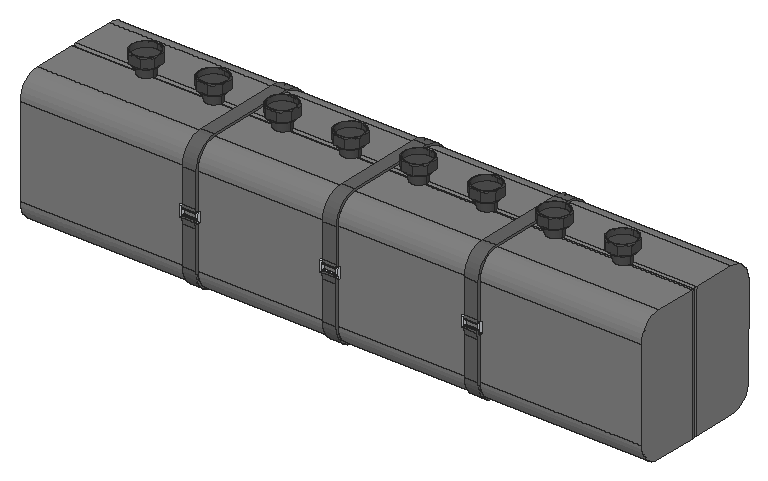
Revit family "Распределительный коллектор на 4 контура", category Оборудование, Revit 2022
Family settings
  Размер круглого соединителя = Использовать диаметр
  Классификация = Нет
  Тип детали = Нормальный
  На основе рабочей плоскости = Нет
  Всегда вертикально = Да
  При загрузке вырезать с полостями = Нет
  Сохранять ориентацию аннотаций = Нет
  Общий = Нет
  Точка принадлежности помещению = Нет
Parameters
  Отметка по умолчанию = 1500 mm
  Кронштейны [instance] = yes
  Изоляция [instance] = yes
  ΔT = 20 °C
  Qmax = 163000 W
  G max = 0.036983 (stored number, unit not read)
  ADSK_Примечание [instance] = ""
  ADSK_Наименование = "Распределительный коллектор KHW-7-4"
  ADSK_Завод-изготовитель = "Huch EnTEC"
  ADSK_Группирование [instance] = ""
Reference planes
  plane 1 "По центру (Вперед/Назад)": y = 0
  plane 2: z = 0
  plane 3 "По центру (Влево/Вправо)": x = 0
  plane 4: y = -57.5
  plane 5: y = 57.5
  plane 6: z = -57.5
  plane 7: z = 57.5
  plane 8: y = -52.5
  plane 9: z = 52.5
  plane 10: z = -52.5
  plane 11: y = 52.5
  plane 12: x = 505
  plane 13: x = -505
  plane 14: z = 52.5
  plane 15: z = -52.5
  plane 16: z = 67.5
  plane 17: z = 132.5
  plane 18: z = 102.5
  plane 19: z = 57.5
  plane 20: x = 437.5
  plane 21: x = -437.5
  plane 22: x = -312.5
  plane 23: x = -187.5
  plane 24: x = -62.5
  plane 25: x = 312.5
  plane 26: x = 187.5
  plane 27: x = 62.5
  plane 28: x = 570
  plane 29: x = -570
  plane 30: y = 186.539
Forms (mm)
  Extrusion 1, solid, material "Металл"
    sketch origin (0, 0, 0) x (0, 1, 0) y (0, 0, 1)
      loop
        line (52.5, 57.5) -> (-52.5, 57.5)
        arc (-52.5, 57.5) -> (-56.036, 56.036) -> (-57.5, 52.5) r 5
        line (-57.5, 52.5) -> (-57.5, -52.5)
        arc (-57.5, -52.5) -> (-56.036, -56.036) -> (-52.5, -57.5) r 5
        line (-52.5, -57.5) -> (52.5, -57.5)
        arc (52.5, -57.5) -> (56.036, -56.036) -> (57.5, -52.5) r 5
        line (57.5, -52.5) -> (57.5, 52.5)
        arc (57.5, 52.5) -> (56.036, 56.036) -> (52.5, 57.5) r 5
    from -505 to 505
  Extrusion 2, void
    sketch origin (0, 0, 0) x (1, 0, 0) y (0, 0, 1)
      loop
        line (500, 57.5) -> (-500, 57.5)
        arc (-500, 57.5) -> (-503.536, 56.036) -> (-505, 52.5) r 5
        line (-505, 52.5) -> (-505, -52.5)
        arc (-505, -52.5) -> (-503.536, -56.036) -> (-500, -57.5) r 5
        line (-500, -57.5) -> (500, -57.5)
        arc (500, -57.5) -> (503.536, -56.036) -> (505, -52.5) r 5
        line (505, -52.5) -> (505, 52.5)
        arc (505, 52.5) -> (503.536, 56.036) -> (500, 57.5) r 5
      loop
        line (-516.101, 73.045) -> (-516.101, -76.955) -> (513.899, -76.955) -> (513.899, 73.045) -> (-516.101, 73.045)
    from -63.688 to 64.2
  Extrusion 3, solid, material "Металл"
    sketch origin (0, 0, 0) x (1, 0, 0) y (0, 1, 0)
      loop
        circle (485, 0) r 13
      loop
        circle (-485, 0) r 13
    from -52.5 to -67.008
  Extrusion 4, solid, material "Металл"
    sketch origin (0, 0, 0) x (1, 0, 0) y (0, 1, 0)
      loop
        circle (-405, 0) r 30
      loop
        circle (405, 0) r 30
    from -52.5 to -112.477
  Extrusion 5, solid, material "Металл"
    sketch origin (0, 0, 0) x (1, 0, 0) y (0, 1, 0)
      loop
        circle (-300, 0) r 13.5
      loop
        circle (300, 0) r 13.5
    from -52.5 to -102.67
  Extrusion 6, solid, material "Металл"
    sketch origin (0, 0, 0) x (1, 0, 0) y (0, 1, 0)
      loop
        circle (-437.5, 0) r 15
      loop
        circle (-313.5, 0) r 15
      loop
        circle (-187.5, 0) r 15
      loop
        circle (-62.5, 0) r 15
      loop
        circle (62.5, 0) r 15
      loop
        circle (187.5, 0) r 15
      loop
        circle (312.5, 0) r 15
      loop
        circle (437.5, 0) r 15
    from 52.5 to 142.085
Cuts and joins
  Extrusion 2 cuts Extrusion 1
Dimensions and locks
  plane 17 to plane 19 = 75 mm
  plane 18 to plane 19 = 45 mm
  plane 16 to plane 19 = 10 mm
  equal spacing: plane 20, plane 25, plane 26, plane 27, plane 24, plane 23, plane 22, plane 21
  locked: plane 27 to plane 24 at 125
  Extrusion 6 to Extrusion 6 = 89.585 mm
  plane 15 to Extrusion 3 = 14.508 mm
  plane 15 to Extrusion 4 = 59.977 mm
  plane 15 to Extrusion 5 = 50.17 mm
  aligned and locked: level to plane 2
  aligned and locked: Extrusion 1 to plane 13
  aligned and locked: Extrusion 1 to plane 12
Automatic sketch dimensions
  Extrusion 1 sketch curve to plane 4 = 0 mm
  Extrusion 1 sketch curve to plane 8 = 0 mm  (x2)
  Extrusion 1 sketch curve to plane 7 = 0 mm
  Extrusion 1 sketch curve to plane 6 = 0 mm
  Extrusion 1 sketch curve to plane 11 = 0 mm  (x2)
  Extrusion 1 sketch curve to plane 9 = 0 mm
  plane 13 to Extrusion 2 sketch curve = 0 mm
  Extrusion 2 sketch curve to plane 12 = 0 mm
  Extrusion 2 sketch curve to plane 15 = 0 mm  (x2)
  Extrusion 2 sketch curve to plane 14 = 0 mm  (x2)
  plane 16 to Extrusion 2 sketch curve = 5.545 mm
  Extrusion 2 sketch curve to plane 13 = 11.101 mm
  plane 12 to Extrusion 2 sketch curve = 8.899 mm
  Extrusion 2 sketch curve to Extrusion 2 sketch curve = 19.455 mm
  plane 1 "По центру (Вперед/Назад)" to Extrusion 3 sketch curve = 0 mm  (x2)
  plane 1 "По центру (Вперед/Назад)" to Extrusion 4 sketch curve = 0 mm  (x2)
  plane 1 "По центру (Вперед/Назад)" to Extrusion 5 sketch curve = 0 mm  (x2)
  plane 21 to Extrusion 4 sketch curve = 32.5 mm
  plane 22 to Extrusion 5 sketch curve = 12.5 mm
  plane 13 to Extrusion 3 sketch curve = 20 mm
  plane 20 to Extrusion 4 sketch curve = 32.5 mm
  Extrusion 2 sketch curve to plane 19 = 0 mm
  plane 13 to Extrusion 2 sketch curve = 5 mm
  Extrusion 3 sketch curve to plane 12 = 20 mm
  plane 25 to Extrusion 5 sketch curve = 12.5 mm
  plane 1 "По центру (Вперед/Назад)" to Extrusion 6 sketch curve = 0 mm  (x8)
  Extrusion 6 sketch curve to plane 21 = 0 mm
  Extrusion 6 sketch curve to plane 23 = 0 mm
  Extrusion 6 sketch curve to plane 24 = 0 mm
  Extrusion 6 sketch curve to plane 27 = 0 mm
  Extrusion 6 sketch curve to plane 26 = 0 mm
  Extrusion 6 sketch curve to plane 25 = 0 mm
  Extrusion 6 sketch curve to plane 20 = 0 mm
  Extrusion 6 sketch curve to plane 22 = 1 mm
  radius of Extrusion 3 sketch curve = 13 mm  (x2)
  radius of Extrusion 4 sketch curve = 30 mm  (x2)
  radius of Extrusion 5 sketch curve = 13.5 mm  (x2)
  radius of Extrusion 6 sketch curve = 15 mm  (x8)
Nested families
  nested 1: "Гайка_Восьмиугольная_Гладкая" at (437.5, 0, 142.085) x (0, 0, 1) z (1, 0, 0), type "Гайка_Восьмиугольная_Гладкая"
    with Материал Металл, КорректирующийРазмер 25 mm, k 15 mm, dw 50.5 mm, d 48 mm, V 40.00°, S 50.5 mm, K 19 mm
  nested 2: "Гайка_Восьмиугольная_Гладкая" at (312.5, 0, 142.085) x (0, 0, 1) z (1, 0, 0), type "Гайка_Восьмиугольная_Гладкая"
    with Материал Металл, КорректирующийРазмер 25 mm, k 15 mm, dw 50.5 mm, d 48 mm, V 40.00°, S 50.5 mm, K 19 mm
  nested 3: "Гайка_Восьмиугольная_Гладкая" at (187.5, 0, 142.085) x (0, 0, 1) z (1, 0, 0), type "Гайка_Восьмиугольная_Гладкая"
    with Материал Металл, КорректирующийРазмер 25 mm, k 15 mm, dw 50.5 mm, d 48 mm, V 40.00°, S 50.5 mm, K 19 mm
  nested 4: "Гайка_Восьмиугольная_Гладкая" at (62.5, 0, 142.085) x (0, 0, 1) z (1, 0, 0), type "Гайка_Восьмиугольная_Гладкая"
    with Материал Металл, КорректирующийРазмер 25 mm, k 15 mm, dw 50.5 mm, d 48 mm, V 40.00°, S 50.5 mm, K 19 mm
  nested 5: "Гайка_Восьмиугольная_Гладкая" at (-62.5, 0, 142.085) x (0, 0, 1) z (1, 0, 0), type "Гайка_Восьмиугольная_Гладкая"
    with Материал Металл, КорректирующийРазмер 25 mm, k 15 mm, dw 50.5 mm, d 48 mm, V 40.00°, S 50.5 mm, K 19 mm
  nested 6: "Гайка_Восьмиугольная_Гладкая" at (-187.5, 0, 142.085) x (0, 0, 1) z (1, 0, 0), type "Гайка_Восьмиугольная_Гладкая"
    with Материал Металл, КорректирующийРазмер 25 mm, k 15 mm, dw 50.5 mm, d 48 mm, V 40.00°, S 50.5 mm, K 19 mm
  nested 7: "Гайка_Восьмиугольная_Гладкая" at (-313.5, 0, 142.085) x (0, 0, 1) z (1, 0, 0), type "Гайка_Восьмиугольная_Гладкая"
    with Материал Металл, КорректирующийРазмер 25 mm, k 15 mm, dw 50.5 mm, d 48 mm, V 40.00°, S 50.5 mm, K 19 mm
  nested 8: "Гайка_Восьмиугольная_Гладкая" at (-437.5, 0, 142.085) x (0, 0, 1) z (1, 0, 0), type "Гайка_Восьмиугольная_Гладкая"
    with Материал Металл, КорректирующийРазмер 25 mm, k 15 mm, dw 50.5 mm, d 48 mm, V 40.00°, S 50.5 mm, K 19 mm
  nested 9: "изоляция" at (0, 0, 0), visible <- "Изоляция", type "изоляция"
  nested 10: "стойки" at (0, 0, 0), visible <- "Кронштейны", type "стойки"
Connectors
  piping at (-485, 0, -67.008), diameter 15
    settings: on Extrusion 3, index 1, connector inside diameter 609.6 mm, connector length 0 mm, flow factor 0, pipe flow 0.0 L/s, pressure drop 0.0 Pa, fitting loss kfactor 0, connector angle 0.00°, fixture units 0, engagement length 0 mm, angle of deflection 0.00°, flow configuration 0, flow direction 0, fitting loss method 0, system type 28, joint type 0, gender type 0, connector reference index -1, connector utility 0, adjustable connector no, is connector primary yes, connector description ""
  piping at (-405, 0, -112.477), diameter 50
    settings: on Extrusion 4, index 2, connector inside diameter 609.6 mm, connector length 0 mm, flow factor 0, pipe flow 0.0 L/s, pressure drop 0.0 Pa, fitting loss kfactor 0, connector angle 0.00°, fixture units 0, engagement length 0 mm, angle of deflection 0.00°, flow configuration 0, flow direction 0, fitting loss method 0, system type 8, joint type 0, gender type 0, connector reference index -1, connector utility 0, adjustable connector no, is connector primary no, connector description ""
  piping at (405, 0, -112.477), diameter 50
    settings: on Extrusion 4, index 3, connector inside diameter 609.6 mm, connector length 0 mm, flow factor 0, pipe flow 0.0 L/s, pressure drop 0.0 Pa, fitting loss kfactor 0, connector angle 0.00°, fixture units 0, engagement length 0 mm, angle of deflection 0.00°, flow configuration 0, flow direction 0, fitting loss method 0, system type 7, joint type 0, gender type 0, connector reference index -1, connector utility 0, adjustable connector no, is connector primary no, connector description ""
  piping at (485, 0, -67.008), diameter 15
    settings: on Extrusion 3, index 4, connector inside diameter 609.6 mm, connector length 0 mm, flow factor 0, pipe flow 0.0 L/s, pressure drop 0.0 Pa, fitting loss kfactor 0, connector angle 0.00°, fixture units 0, engagement length 0 mm, angle of deflection 0.00°, flow configuration 0, flow direction 0, fitting loss method 0, system type 28, joint type 0, gender type 0, connector reference index -1, connector utility 0, adjustable connector no, is connector primary no, connector description ""
  piping at (-437.5, 0, 152.09), diameter 25
    settings: on nested 8, index 5, connector inside diameter 609.6 mm, connector length 0 mm, flow factor 0, pipe flow 0.0 L/s, pressure drop 0.0 Pa, fitting loss kfactor 0, connector angle 0.00°, fixture units 0, engagement length 0 mm, angle of deflection 0.00°, flow configuration 0, flow direction 0, fitting loss method 0, system type 8, joint type 0, gender type 0, connector reference index -1, connector utility 0, adjustable connector no, is connector primary no, connector description ""
  piping at (-313.5, 0, 152.09), diameter 25
    settings: on nested 7, index 6, connector inside diameter 609.6 mm, connector length 0 mm, flow factor 0, pipe flow 0.0 L/s, pressure drop 0.0 Pa, fitting loss kfactor 0, connector angle 0.00°, fixture units 0, engagement length 0 mm, angle of deflection 0.00°, flow configuration 0, flow direction 0, fitting loss method 0, system type 7, joint type 0, gender type 0, connector reference index -1, connector utility 0, adjustable connector no, is connector primary no, connector description ""
  piping at (-187.5, 0, 152.09), diameter 25
    settings: on nested 6, index 7, connector inside diameter 609.6 mm, connector length 0 mm, flow factor 0, pipe flow 0.0 L/s, pressure drop 0.0 Pa, fitting loss kfactor 0, connector angle 0.00°, fixture units 0, engagement length 0 mm, angle of deflection 0.00°, flow configuration 0, flow direction 0, fitting loss method 0, system type 8, joint type 0, gender type 0, connector reference index -1, connector utility 0, adjustable connector no, is connector primary no, connector description ""
  piping at (-62.5, 0, 152.09), diameter 25
    settings: on nested 5, index 8, connector inside diameter 609.6 mm, connector length 0 mm, flow factor 0, pipe flow 0.0 L/s, pressure drop 0.0 Pa, fitting loss kfactor 0, connector angle 0.00°, fixture units 0, engagement length 0 mm, angle of deflection 0.00°, flow configuration 0, flow direction 0, fitting loss method 0, system type 7, joint type 0, gender type 0, connector reference index -1, connector utility 0, adjustable connector no, is connector primary no, connector description ""
  piping at (62.5, 0, 152.09), diameter 25
    settings: on nested 4, index 9, connector inside diameter 609.6 mm, connector length 0 mm, flow factor 0, pipe flow 0.0 L/s, pressure drop 0.0 Pa, fitting loss kfactor 0, connector angle 0.00°, fixture units 0, engagement length 0 mm, angle of deflection 0.00°, flow configuration 0, flow direction 0, fitting loss method 0, system type 8, joint type 0, gender type 0, connector reference index -1, connector utility 0, adjustable connector no, is connector primary no, connector description ""
  piping at (187.5, 0, 152.09), diameter 25
    settings: on nested 3, index 10, connector inside diameter 609.6 mm, connector length 0 mm, flow factor 0, pipe flow 0.0 L/s, pressure drop 0.0 Pa, fitting loss kfactor 0, connector angle 0.00°, fixture units 0, engagement length 0 mm, angle of deflection 0.00°, flow configuration 0, flow direction 0, fitting loss method 0, system type 7, joint type 0, gender type 0, connector reference index -1, connector utility 0, adjustable connector no, is connector primary no, connector description ""
  piping at (312.5, 0, 152.09), diameter 25
    settings: on nested 2, index 11, connector inside diameter 609.6 mm, connector length 0 mm, flow factor 0, pipe flow 0.0 L/s, pressure drop 0.0 Pa, fitting loss kfactor 0, connector angle 0.00°, fixture units 0, engagement length 0 mm, angle of deflection 0.00°, flow configuration 0, flow direction 0, fitting loss method 0, system type 8, joint type 0, gender type 0, connector reference index -1, connector utility 0, adjustable connector no, is connector primary no, connector description ""
  piping at (437.5, 0, 152.09), diameter 25
    settings: on nested 1, index 12, connector inside diameter 609.6 mm, connector length 0 mm, flow factor 0, pipe flow 0.0 L/s, pressure drop 0.0 Pa, fitting loss kfactor 0, connector angle 0.00°, fixture units 0, engagement length 0 mm, angle of deflection 0.00°, flow configuration 0, flow direction 0, fitting loss method 0, system type 7, joint type 0, gender type 0, connector reference index -1, connector utility 0, adjustable connector no, is connector primary no, connector description ""
Definition of nested family "Гайка_Восьмиугольная_Гладкая"
  Parameters (values of type "Гайка_Восьмиугольная_Гладкая")
    Default Elevation = 0 mm
    Материал [instance] = none
    КорректирующийРазмер [instance] = 76 mm
    k [instance] = 31.635 mm
    dw [instance] = S  # 150 mm
    d [instance] = 100 mm
    V [instance] = 40.00°
    S [instance] = 150 mm
    K [instance] = 70 mm
  Reference planes
    plane 1 "По центру (Вперед/Назад)": y = 0
    plane 2: z = 0
    plane 3 "По центру (Влево/Вправо)": x = 0
    plane 4: x = 70
    plane 5: through (4267.2, -88.185, 17.881) normal (0, -0.7071, 0.7071)
    plane 6: through (4267.2, 17.881, -88.185) normal (0, -0.7071, 0.7071)
    plane 7: through (4267.2, 17.891, 88.175) normal (0, 0.7071, 0.7071)
    plane 8: through (4267.2, -88.175, -17.891) normal (0, 0.7071, 0.7071)
    plane 9: z = -75
    plane 10: z = 75
    plane 11: y = 75
    plane 12: y = -75
    plane 13: through (4267.2, 0, 0) normal (0, -0.7071, 0.7071)
    plane 14: through (4267.2, 0, 0) normal (0, 0.7071, 0.7071)
    plane 15: z = 76
    plane 16: x = 38.365
  Forms (mm)
    Extrusion 1, solid, material <- "Материал"
      sketch origin (0, 0, 0) x (0, 1, 0) y (0, 0, 1)
        loop
          line (75, 31.066) -> (31.066, 75) -> (-31.066, 75) -> (-75, 31.066) -> (-75, -31.066) -> (-31.066, -75) -> (31.066, -75) -> (75, -31.066) -> (75, 31.066)
        loop
          circle (0, 0) r 50
      from 0 to 70
    Sweep 2, void
      path origin (0, 0, 0) x (0, 1, 0) y (0, 0, 1)
        loop
          circle (0, 0) r 75
      profile origin (0, 0, 75) x (0, 0, -1) y (1, 0, 0)
        loop
          line (-1, 70) -> (-135.994, 70) -> (-135.994, 0) -> (-1, 0) -> (-42.711, 35) -> (-1, 70)
    Extrusion 3, solid, material <- "Материал"
      sketch origin (0, 0, 0) x (0, 1, 0) y (0, 0, 1)
        loop
          circle (0, 0) r 50
      from 0 to 10.005
  Cuts and joins
    Sweep 2 cuts Extrusion 1
  Dimensions and locks
    equal spacing: plane 10, level, plane 9
    equal spacing: plane 5, plane 13, plane 6
    equal spacing: plane 7, plane 14, plane 8
    equal spacing: plane 12, plane 1 "По центру (Вперед/Назад)", plane 11
    "S": plane 12 to plane 11
    "S": plane 5 to plane 6
    "S": plane 10 to plane 9
    "S": plane 7 to plane 8
    "K": plane 3 "По центру (Влево/Вправо)" to plane 4
    "КорректирующийРазмер": level to plane 15
    equal spacing: Sweep 2 sketch curve, Sweep 2 sketch curve, Sweep 2 sketch curve
    "K": Sweep 2 sketch curve to Sweep 2 sketch curve
    "k": plane 4 to plane 16
    "d": diameter of Extrusion 1 sketch curve
    "dw": diameter of Sweep 2 sketch curve
    "d": diameter of Extrusion 3 sketch curve
    "V": angle Sweep 2 sketch curve to Sweep 2 sketch curve  (x2)
    aligned and locked: level to plane 2
    aligned and locked: plane 12 to Extrusion 1 sketch curve
    aligned and locked: plane 5 to Extrusion 1 sketch curve
    aligned and locked: plane 10 to Extrusion 1 sketch curve
    aligned and locked: plane 7 to Extrusion 1 sketch curve
    aligned and locked: Extrusion 1 sketch curve to plane 11
    aligned and locked: Extrusion 1 sketch curve to plane 6
    aligned and locked: Extrusion 1 sketch curve to plane 9
    aligned and locked: Extrusion 1 sketch curve to plane 8
    aligned and locked: plane 4 to Extrusion 1
    aligned and locked: Sweep 2 sketch curve to plane 4
    aligned and locked: Sweep 2 sketch curve to plane 15
    aligned and locked: plane 15 to Sweep 2 sketch curve
  Automatic sketch dimensions
    Extrusion 1 sketch curve to plane 13 = 0 mm
    Extrusion 1 sketch curve to plane 14 = 0 mm
    Sweep 2 sketch curve to level = 0 mm
    Sweep 2 sketch curve to plane 1 "По центру (Вперед/Назад)" = 0 mm
    Sweep 2 sketch curve to Sweep 2 sketch curve = 93.282 mm
    Extrusion 3 sketch curve to level = 0 mm
    Extrusion 3 sketch curve to plane 1 "По центру (Вперед/Назад)" = 0 mm
Definition of nested family "изоляция"
  Parameters (values of type "изоляция")
    Default Elevation = 0 mm
  Reference planes
    plane 1 "По центру (Вперед/Назад)": y = 0
    plane 2: z = 0
    plane 3 "По центру (Влево/Вправо)": x = 0
    plane 4: z = 52.5
    plane 5: z = -52.5
    plane 6: z = 67.5
    plane 7: z = 132.5
    plane 8: z = 102.5
    plane 9: z = 57.5
    plane 10: z = 122.5
    plane 11: z = -122.5
    plane 12: y = -122.5
    plane 13: y = 122.5
    plane 14: y = -82.5
    plane 15: y = 82.5
    plane 16: z = 82.5
    plane 17: z = -82.5
    plane 18: x = 570
    plane 19: x = -570
    plane 20: x = 12.5
    plane 21: x = -12.5
    plane 22: x = 17
    plane 23: x = -17
    plane 24: z = 13.707
    plane 25: z = 4.4
    plane 26: x = 285
    plane 27: x = -285
    plane 28: z = 117.5
    plane 29: z = -117.5
    plane 30: y = 5
    plane 31: y = -5
    plane 32: x = -565
    plane 33: y = -5
    plane 34: y = 5
  Forms (mm)
    Extrusion 1, solid
      sketch origin (0, 0, 0) x (0, 1, 0) y (0, 0, 1)
        loop
          arc (82.5, -122.5) -> (110.784, -110.784) -> (122.5, -82.5) r 40
          line (122.5, -82.5) -> (122.5, 82.5)
          arc (122.5, 82.5) -> (110.784, 110.784) -> (82.5, 122.5) r 40
          line (82.5, 122.5) -> (5, 122.5)
          arc (5, 122.5) -> (1.464, 121.036) -> (0, 117.5) r 5
          arc (0, 117.5) -> (-1.464, 121.036) -> (-5, 122.5) r 5
          line (-5, 122.5) -> (-82.5, 122.5)
          arc (-82.5, 122.5) -> (-110.784, 110.784) -> (-122.5, 82.5) r 40
          line (-122.5, 82.5) -> (-122.5, -82.5)
          arc (-122.5, -82.5) -> (-110.784, -110.784) -> (-82.5, -122.5) r 40
          line (-82.5, -122.5) -> (-5, -122.5)
          arc (-5, -122.5) -> (-1.464, -121.036) -> (0, -117.5) r 5
          arc (0, -117.5) -> (1.464, -121.036) -> (5, -122.5) r 5
          line (5, -122.5) -> (82.5, -122.5)
      from -570 to 570
    Extrusion 2, void
      sketch origin (0, 0, 0) x (1, 0, 0) y (0, 1, 0)
        loop
          circle (-405, 0) r 30
        loop
          circle (-485, 0) r 13
        loop
          circle (-300, 0) r 13.5
        loop
          circle (300, 0) r 13.5
        loop
          circle (405, 0) r 30
        loop
          circle (485, 0) r 13
      from -269.632 to 0
    Extrusion 3, solid
      sketch origin (0, 0, 0) x (0, 1, 0) y (0, 0, 1)
        loop
          line (122.5, 82.5) -> (122.5, -82.5)
          arc (122.5, -82.5) -> (110.784, -110.784) -> (82.5, -122.5) r 40
          line (82.5, -122.5) -> (-82.5, -122.5)
          arc (-82.5, -122.5) -> (-110.784, -110.784) -> (-122.5, -82.5) r 40
          line (-122.5, -82.5) -> (-122.5, 2.171)
          arc (-122.5, 2.171) -> (-123.462, 3.981) -> (-125.5, 4.197) r 2.184
          arc (-125.5, 4.197) -> (-127.191, 2.171) -> (-127.608, -0.433) r 4.975
          arc (-127.608, -0.433) -> (-126.84, -5.922) -> (-125.747, -11.355) r 93.24
          line (-125.747, -11.355) -> (-125.747, -82.5)
          arc (-125.747, -82.5) -> (-113.153, -112.906) -> (-82.747, -125.5) r 43
          line (-82.747, -125.5) -> (82.5, -125.5)
          arc (82.5, -125.5) -> (112.906, -112.906) -> (125.5, -82.5) r 43
          line (125.5, -82.5) -> (125.5, 82.5)
          arc (125.5, 82.5) -> (112.906, 112.906) -> (82.5, 125.5) r 43
          line (82.5, 125.5) -> (-82.5, 125.5)
          arc (-82.5, 125.5) -> (-112.906, 112.906) -> (-125.5, 82.5) r 43
          line (-125.5, 82.5) -> (-125.5, 20.683)
          arc (-125.5, 20.683) -> (-126.528, 18.003) -> (-126.978, 15.168) r 13.764
          arc (-126.978, 15.168) -> (-124.441, 13.839) -> (-122.5, 15.945) r 2.353
          line (-122.5, 15.945) -> (-122.5, 82.5)
          arc (-122.5, 82.5) -> (-110.784, 110.784) -> (-82.5, 122.5) r 40
          line (-82.5, 122.5) -> (82.5, 122.5)
          arc (82.5, 122.5) -> (110.784, 110.784) -> (122.5, 82.5) r 40
      from -12.5 to 12.5
    Extrusion 4, solid
      sketch origin (0, 0, 0) x (0, 1, 0) y (0, 0, 1)
        loop
          arc (-123.716, 17.727) -> (-124.86, 18.69) -> (-126.039, 17.77) r 1.187
          arc (-126.039, 17.77) -> (-127.099, 8.42) -> (-126.023, -0.929) r 41.442
          arc (-126.023, -0.929) -> (-124.875, -1.841) -> (-123.726, -0.929) r 1.179
          arc (-123.726, -0.929) -> (-122.654, 8.399) -> (-123.716, 17.727) r 41.296
      from -17 to 17
    Extrusion 5, void
      sketch origin (0, 0, 0) x (1, 0, 0) y (0, 0, 1)
        loop
          line (-12.5, 13.707) -> (-12.5, 4.4) -> (12.5, 4.4) -> (12.5, 13.707) -> (-12.5, 13.707)
      from 122.415 to 250
    Extrusion 6, solid
      sketch origin (260, 0, 0) x (0, 1, 0) y (0, 0, 1)
        loop
          line (122.5, 82.5) -> (122.5, -82.5)
          arc (122.5, -82.5) -> (110.784, -110.784) -> (82.5, -122.5) r 40
          line (82.5, -122.5) -> (-82.5, -122.5)
          arc (-82.5, -122.5) -> (-110.784, -110.784) -> (-122.5, -82.5) r 40
          line (-122.5, -82.5) -> (-122.5, 2.171)
          arc (-122.5, 2.171) -> (-123.462, 3.981) -> (-125.5, 4.197) r 2.184
          arc (-125.5, 4.197) -> (-127.191, 2.171) -> (-127.608, -0.433) r 4.975
          arc (-127.608, -0.433) -> (-126.84, -5.922) -> (-125.747, -11.355) r 93.24
          line (-125.747, -11.355) -> (-125.747, -82.5)
          arc (-125.747, -82.5) -> (-113.153, -112.906) -> (-82.747, -125.5) r 43
          line (-82.747, -125.5) -> (82.5, -125.5)
          arc (82.5, -125.5) -> (112.906, -112.906) -> (125.5, -82.5) r 43
          line (125.5, -82.5) -> (125.5, 82.5)
          arc (125.5, 82.5) -> (112.906, 112.906) -> (82.5, 125.5) r 43
          line (82.5, 125.5) -> (-82.5, 125.5)
          arc (-82.5, 125.5) -> (-112.906, 112.906) -> (-125.5, 82.5) r 43
          line (-125.5, 82.5) -> (-125.5, 20.683)
          arc (-125.5, 20.683) -> (-126.528, 18.003) -> (-126.978, 15.168) r 13.764
          arc (-126.978, 15.168) -> (-124.441, 13.839) -> (-122.5, 15.945) r 2.353
          line (-122.5, 15.945) -> (-122.5, 82.5)
          arc (-122.5, 82.5) -> (-110.784, 110.784) -> (-82.5, 122.5) r 40
          line (-82.5, 122.5) -> (82.5, 122.5)
          arc (82.5, 122.5) -> (110.784, 110.784) -> (122.5, 82.5) r 40
      from -12.5 to 12.5
    Extrusion 7, solid
      sketch origin (260, 0, 0) x (0, 1, 0) y (0, 0, 1)
        loop
          arc (-123.716, 17.727) -> (-124.86, 18.69) -> (-126.039, 17.77) r 1.187
          arc (-126.039, 17.77) -> (-127.099, 8.42) -> (-126.023, -0.929) r 41.442
          arc (-126.023, -0.929) -> (-124.875, -1.841) -> (-123.726, -0.929) r 1.179
          arc (-123.726, -0.929) -> (-122.654, 8.399) -> (-123.716, 17.727) r 41.296
      from -17 to 17
    Extrusion 8, solid
      sketch origin (-257.5, 0, 0) x (0, 1, 0) y (0, 0, 1)
        loop
          line (122.5, 82.5) -> (122.5, -82.5)
          arc (122.5, -82.5) -> (110.784, -110.784) -> (82.5, -122.5) r 40
          line (82.5, -122.5) -> (-82.5, -122.5)
          arc (-82.5, -122.5) -> (-110.784, -110.784) -> (-122.5, -82.5) r 40
          line (-122.5, -82.5) -> (-122.5, 2.171)
          arc (-122.5, 2.171) -> (-123.462, 3.981) -> (-125.5, 4.197) r 2.184
          arc (-125.5, 4.197) -> (-127.191, 2.171) -> (-127.608, -0.433) r 4.975
          arc (-127.608, -0.433) -> (-126.84, -5.922) -> (-125.747, -11.355) r 93.24
          line (-125.747, -11.355) -> (-125.747, -82.5)
          arc (-125.747, -82.5) -> (-113.153, -112.906) -> (-82.747, -125.5) r 43
          line (-82.747, -125.5) -> (82.5, -125.5)
          arc (82.5, -125.5) -> (112.906, -112.906) -> (125.5, -82.5) r 43
          line (125.5, -82.5) -> (125.5, 82.5)
          arc (125.5, 82.5) -> (112.906, 112.906) -> (82.5, 125.5) r 43
          line (82.5, 125.5) -> (-82.5, 125.5)
          arc (-82.5, 125.5) -> (-112.906, 112.906) -> (-125.5, 82.5) r 43
          line (-125.5, 82.5) -> (-125.5, 20.683)
          arc (-125.5, 20.683) -> (-126.528, 18.003) -> (-126.978, 15.168) r 13.764
          arc (-126.978, 15.168) -> (-124.441, 13.839) -> (-122.5, 15.945) r 2.353
          line (-122.5, 15.945) -> (-122.5, 82.5)
          arc (-122.5, 82.5) -> (-110.784, 110.784) -> (-82.5, 122.5) r 40
          line (-82.5, 122.5) -> (82.5, 122.5)
          arc (82.5, 122.5) -> (110.784, 110.784) -> (122.5, 82.5) r 40
      from -12.5 to 12.5
    Extrusion 9, solid
      sketch origin (-257.5, 0, 0) x (0, 1, 0) y (0, 0, 1)
        loop
          arc (-123.716, 17.727) -> (-124.86, 18.69) -> (-126.039, 17.77) r 1.187
          arc (-126.039, 17.77) -> (-127.099, 8.42) -> (-126.023, -0.929) r 41.442
          arc (-126.023, -0.929) -> (-124.875, -1.841) -> (-123.726, -0.929) r 1.179
          arc (-123.726, -0.929) -> (-122.654, 8.399) -> (-123.716, 17.727) r 41.296
      from -17 to 17
    Extrusion 10, void
      sketch origin (-257.52, 0, 0) x (1, 0, 0) y (0, 0, 1)
        loop
          line (-12.5, 13.707) -> (-12.5, 4.4) -> (12.5, 4.4) -> (12.5, 13.707) -> (-12.5, 13.707)
      from 122.5 to 250
    Extrusion 11, void
      sketch origin (260, 0, 0) x (1, 0, 0) y (0, 0, 1)
        loop
          line (-12.5, 13.707) -> (-12.5, 4.4) -> (12.5, 4.4) -> (12.5, 13.707) -> (-12.5, 13.707)
      from 122.5 to 250
    Extrusion 12, void
      sketch origin (0, 0, 0) x (1, 0, 0) y (0, 1, 0)
        loop
          arc (-565, 0) -> (-568.536, 1.464) -> (-570, 5) r 5
          line (-570, 5) -> (-575.921, 5) -> (-575.921, -5) -> (-570, -5)
          arc (-570, -5) -> (-568.536, -1.464) -> (-565, 0) r 5
      from -132.581 to 132.5
    Extrusion 13, void
      sketch origin (0, 0, 0) x (-1, 0, 0) y (0, -1, 0)
        loop
          arc (-565, 0) -> (-568.536, 1.464) -> (-570, 5) r 5
          line (-570, 5) -> (-575.921, 5) -> (-575.921, -5) -> (-570, -5)
          arc (-570, -5) -> (-568.536, -1.464) -> (-565, 0) r 5
      from -132.581 to 132.5
  Cuts and joins
    Extrusion 2, Extrusion 5, Extrusion 10, Extrusion 11, Extrusion 12, Extrusion 13 cuts Extrusion 1
    Extrusion 5, Extrusion 10 cuts Extrusion 4
    Extrusion 10, Extrusion 11 cuts Extrusion 9
    Extrusion 11 cuts Extrusion 7
  Dimensions and locks
    plane 7 to plane 9 = 75 mm
    plane 8 to plane 9 = 45 mm
    plane 6 to plane 9 = 10 mm
    plane 18 to plane 3 "По центру (Влево/Вправо)" = 570 mm
    aligned and locked: level to plane 2
    aligned and locked: plane 18 to Extrusion 1
    aligned and locked: Extrusion 1 to plane 19
    aligned and locked: plane 20 to Extrusion 3
    aligned and locked: Extrusion 3 to plane 21
Definition of nested family "стойки"
  Parameters (values of type "стойки")
    Default Elevation = 0 mm
  Reference planes
    plane 1 "По центру (Вперед/Назад)": y = 0
    plane 2: z = 0
    plane 3 "По центру (Влево/Вправо)": x = 0
    plane 4: y = 186.539
    plane 5: y = 181.539
  Forms (mm)
    Extrusion 1, solid
      sketch origin (0, 0, 0) x (1, 0, 0) y (0, 1, 0)
        loop
          line (-341.336, 40) -> (-341.336, -40) -> (-261.336, -40) -> (-261.336, 40) -> (-341.336, 40)
      from -127.2 to -122.5
    Extrusion 2, solid
      sketch origin (0, 0, 0) x (1, 0, 0) y (0, 0, 1)
        loop
          line (-329.182, -127.2) -> (-331.182, -127.2) -> (-331.182, -135.165) -> (-309.11, -135.165) -> (-309.11, -133.222) -> (-329.182, -133.222) -> (-329.182, -127.2)
        loop
          line (-274.182, -127.2) -> (-274.182, -133.222) -> (-294.182, -133.222) -> (-294.182, -135.165) -> (-272.182, -135.165) -> (-272.182, -127.2) -> (-274.182, -127.2)
      from -18.865 to 18.699
    Extrusion 3, solid
      sketch origin (0, 0, 0) x (1, 0, 0) y (0, 1, 0)
        loop
          line (-320.075, 2.89) -> (-322.119, 2.044) -> (-322.965, 0) -> (-322.119, -2.044) -> (-320.075, -2.89) -> (-318.032, -2.044) -> (-317.185, 0) -> (-318.032, 2.044) -> (-320.075, 2.89)
      from -135.165 to -137.732
    Extrusion 4, solid
      sketch origin (0, 0, -4.728) x (1, 0, 0) y (0, 1, 0)
        loop
          line (-320.075, 2.89) -> (-322.119, 2.044) -> (-322.965, 0) -> (-322.119, -2.044) -> (-320.075, -2.89) -> (-318.032, -2.044) -> (-317.185, 0) -> (-318.032, 2.044) -> (-320.075, 2.89)
      from -135.165 to -137.732
    Extrusion 5, solid
      sketch origin (0, 0, 0) x (1, 0, 0) y (0, 1, 0)
        loop
          circle (-320.118, 0) r 2
      from -137.732 to -139.894
    Extrusion 6, solid
      sketch origin (0, 0, 0) x (0, 1, 0) y (0, 0, 1)
        loop
          line (186.539, -77.2) -> (181.539, -77.2) -> (181.539, -237.2) -> (186.539, -237.2) -> (186.539, -77.2)
      from -341.336 to -261.336
    Extrusion 7, solid
      sketch origin (0, 0, 0) x (0, 1, 0) y (0, 0, 1)
        loop
          line (181.539, -127.2) -> (-68.461, -127.2) -> (-68.461, -132.2) -> (181.539, -132.2) -> (181.539, -127.2)
      from -329.182 to -274.182
    Extrusion 8, solid
      sketch origin (0, 0, 0) x (0, 1, 0) y (0, 0, 1)
        loop
          line (181.539, -172.2) -> (181.539, -132.2) -> (-68.461, -132.2) -> (-18.461, -172.2) -> (181.539, -172.2)
      from -304.639 to -299.782
    Extrusion 9, solid
      sketch origin (602.5, 0, 0) x (1, 0, 0) y (0, 1, 0)
        loop
          line (-341.336, 40) -> (-341.336, -40) -> (-261.336, -40) -> (-261.336, 40) -> (-341.336, 40)
      from -127.2 to -122.5
    Extrusion 10, solid
      sketch origin (602.5, 0, 0) x (1, 0, 0) y (0, 0, 1)
        loop
          line (-329.182, -127.2) -> (-331.182, -127.2) -> (-331.182, -135.165) -> (-309.11, -135.165) -> (-309.11, -133.222) -> (-329.182, -133.222) -> (-329.182, -127.2)
        loop
          line (-274.182, -127.2) -> (-274.182, -133.222) -> (-294.182, -133.222) -> (-294.182, -135.165) -> (-272.182, -135.165) -> (-272.182, -127.2) -> (-274.182, -127.2)
      from -18.865 to 18.699
    Extrusion 11, solid
      sketch origin (602.5, 0, 0) x (1, 0, 0) y (0, 1, 0)
        loop
          line (-320.075, 2.89) -> (-322.119, 2.044) -> (-322.965, 0) -> (-322.119, -2.044) -> (-320.075, -2.89) -> (-318.032, -2.044) -> (-317.185, 0) -> (-318.032, 2.044) -> (-320.075, 2.89)
      from -135.165 to -137.732
    Extrusion 12, solid
      sketch origin (602.5, 0, -4.728) x (1, 0, 0) y (0, 1, 0)
        loop
          line (-320.075, 2.89) -> (-322.119, 2.044) -> (-322.965, 0) -> (-322.119, -2.044) -> (-320.075, -2.89) -> (-318.032, -2.044) -> (-317.185, 0) -> (-318.032, 2.044) -> (-320.075, 2.89)
      from -135.165 to -137.732
    Extrusion 13, solid
      sketch origin (602.5, 0, 0) x (1, 0, 0) y (0, 1, 0)
        loop
          circle (-320.118, 0) r 2
      from -137.732 to -139.894
    Extrusion 14, solid
      sketch origin (602.5, 0, 0) x (0, 1, 0) y (0, 0, 1)
        loop
          line (186.539, -77.2) -> (181.539, -77.2) -> (181.539, -237.2) -> (186.539, -237.2) -> (186.539, -77.2)
      from -341.336 to -261.336
    Extrusion 15, solid
      sketch origin (602.5, 0, 0) x (0, 1, 0) y (0, 0, 1)
        loop
          line (181.539, -127.2) -> (-68.461, -127.2) -> (-68.461, -132.2) -> (181.539, -132.2) -> (181.539, -127.2)
      from -329.182 to -274.182
    Extrusion 16, solid
      sketch origin (602.5, 0, 0) x (0, 1, 0) y (0, 0, 1)
        loop
          line (181.539, -172.2) -> (181.539, -132.2) -> (-68.461, -132.2) -> (-18.461, -172.2) -> (181.539, -172.2)
      from -304.639 to -299.782
    Extrusion 17, void
      sketch origin (0, 0, 0) x (1, 0, 0) y (0, 0, 1)
        loop
          arc (-308.336, -220.094) -> (-301.336, -227.094) -> (-294.336, -220.094) r 7
          line (-294.336, -220.094) -> (-294.336, -207.499)
          arc (-294.336, -207.499) -> (-301.336, -200.499) -> (-308.336, -207.499) r 7
          line (-308.336, -207.499) -> (-308.336, -220.094)
        loop
          arc (-295.039, -108.075) -> (-288.039, -101.075) -> (-295.039, -94.075) r 7
          line (-295.039, -94.075) -> (-307.634, -94.075)
          arc (-307.634, -94.075) -> (-314.634, -101.075) -> (-307.634, -108.075) r 7
          line (-307.634, -108.075) -> (-295.039, -108.075)
      from -272.502 to -155.467
    Extrusion 18, void
      sketch origin (602.086, 0, 0) x (1, 0, 0) y (0, 0, 1)
        loop
          arc (-308.336, -220.094) -> (-301.336, -227.094) -> (-294.336, -220.094) r 7
          line (-294.336, -220.094) -> (-294.336, -207.499)
          arc (-294.336, -207.499) -> (-301.336, -200.499) -> (-308.336, -207.499) r 7
          line (-308.336, -207.499) -> (-308.336, -220.094)
        loop
          arc (-295.039, -108.075) -> (-288.039, -101.075) -> (-295.039, -94.075) r 7
          line (-295.039, -94.075) -> (-307.634, -94.075)
          arc (-307.634, -94.075) -> (-314.634, -101.075) -> (-307.634, -108.075) r 7
          line (-307.634, -108.075) -> (-295.039, -108.075)
      from -272.502 to -155.467
    Extrusion 19, solid
      sketch origin (0, 0, 0) x (1, 0, 0) y (0, 1, 0)
        loop
          circle (-302.003, 0) r 10
        loop
          circle (300.561, 0) r 10
      from -122.5 to -27.785
  Cuts and joins
    Extrusion 17, Extrusion 18 cuts Extrusion 6
    Extrusion 18 cuts Extrusion 14
  Dimensions and locks
    equal spacing: Extrusion 1 sketch curve, plane 1 "По центру (Вперед/Назад)", Extrusion 1 sketch curve
    Extrusion 1 sketch curve to Extrusion 1 sketch curve = 80 mm
    Extrusion 1 to Extrusion 1 = 4.7 mm
    Extrusion 2 sketch curve to Extrusion 2 sketch curve = 20.072 mm
    Extrusion 2 sketch curve to Extrusion 2 sketch curve = 20 mm
    Extrusion 9 sketch curve to Extrusion 9 sketch curve = 80 mm  (x2)
    Extrusion 9 to Extrusion 9 = 4.7 mm
    Extrusion 10 sketch curve to Extrusion 10 sketch curve = 20.072 mm
    Extrusion 10 sketch curve to Extrusion 10 sketch curve = 20 mm
    Extrusion 17 sketch curve to Extrusion 6 = 33 mm  (x2)
    aligned and locked: level to plane 2
